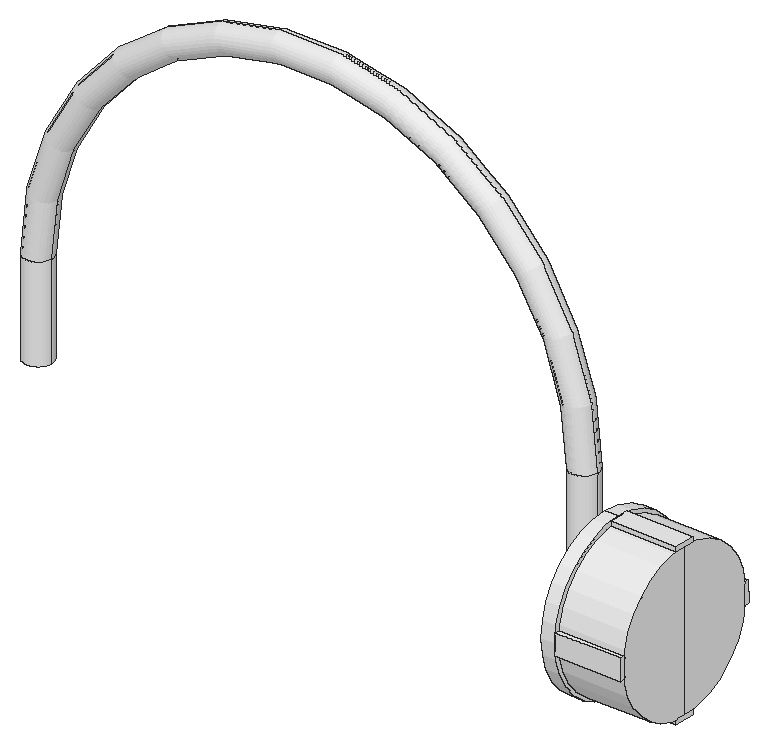
Revit family "WM54", category Generic Models, Revit 2017
Family settings
  Can host rebar = No
  Round Connector Dimension = Use Diameter
  Part Type = Normal
  Work Plane-Based = No
  Always vertical = Yes
  Cut with Voids When Loaded = No
  Shared = No
  Room Calculation Point = No
Parameters
  WM55 = Aluminum
  WM40 = Aluminum
Reference planes (in)
  plane 1 "Center (Front/Back)": y = 0
  plane 2: z = 0
  plane 3 "Center (Left/Right)": x = 0
Forms (in)
  Sweep 1, solid, material "Aluminum" <- "WM55"
    path origin (-18.19092, 0, -2.71645) x (1, 0, 0) y (0, 0, 1)
      loop
        line (4.99759, 11.33674) -> (4.99759, 14.71174)
        arc (4.99759, 14.71174) -> (14.84759, 24.56174) -> (24.69759, 14.71174) r 9.85
        line (24.69759, 14.71174) -> (24.69759, 10.83674)
    profile origin (6.50667, 0, 10.0578) x (0, -1, 0) y (1, 0, 0)
      loop
        circle (0, 0) r 0.5
      loop
        circle (0, 0) r 0.4375
  Extrusion 2, solid, material "Aluminum" <- "WM55"
    sketch origin (-18.19092, -11.33674, 8.1203) x (1, 0, 0) y (0, 1, 0)
      loop
        arc (24.72884, 12.05549) -> (24.01009, 11.33674) -> (24.72884, 10.61799) r 0.71875
        line (24.72884, 10.61799) -> (25.44759, 10.61799) -> (25.44759, 12.05549) -> (24.72884, 12.05549)
    from -0.75 to 0.5
  Extrusion 3, solid, material "Aluminum" <- "WM55"
    sketch origin (-18.19092, 0, -2.71645) x (1, 0, 0) y (0, 1, 0)
      loop
        line (25.44759, 0.78125) -> (24.72884, 0.78125)
        arc (24.72884, 0.78125) -> (23.94759, 0) -> (24.72884, -0.78125) r 0.78125
        line (24.72884, -0.78125) -> (25.44759, -0.78125) -> (25.44759, 0.78125)
    from 9.83674 to 10.08674
  Revolve 4, solid, material "Aluminum" <- "WM40"
    sketch origin (-19.42203, 0, 3.16349) x (1, 0, 0) y (0, 0, 1)
      loop
        line (26.6787, 7.70681) -> (26.6787, 4.83181) -> (27.1787, 4.83181) -> (27.1787, 7.70681) -> (26.6787, 7.70681)
      axis (27.1787, 4.83181) -> (26.6787, 4.83181)
    angle from 0 to 360
  Revolve 5, solid, material "Aluminum" <- "WM40"
    sketch origin (-19.42203, 0, 3.16349) x (1, 0, 0) y (0, 0, 1)
      loop
        line (29.5537, 7.58181) -> (27.1787, 7.58181) -> (27.1787, 4.83181) -> (29.5537, 4.83181) -> (29.5537, 7.58181)
      axis (27.1787, 4.83181) -> (29.5537, 4.83181)
    angle from 0 to 360
  Extrusion 6, solid, material "Aluminum" <- "WM40"
    sketch origin (-19.42203, 0, 3.16349) x (1, 0, 0) y (0, 0, 1)
      loop
        line (29.5537, 5.20681) -> (27.1787, 5.20681) -> (27.1787, 4.45681) -> (29.5537, 4.45681) -> (29.5537, 5.20681)
    from -2.875 to -2.71967
  Extrusion 7, solid, material "Aluminum" <- "WM40"
    sketch origin (-19.42203, 0, 3.16349) x (1, 0, 0) y (0, 0, -1)
      loop
        line (29.5537, -5.20681) -> (29.5537, -4.45681) -> (27.1787, -4.45681) -> (27.1787, -5.20681) -> (29.5537, -5.20681)
    from -2.875 to -2.71967
  Extrusion 8, solid, material "Aluminum" <- "WM40"
    sketch origin (-19.42203, 4.83181, 7.9953) x (0, -1, 0) y (1, 0, 0)
      loop
        line (5.20681, 29.5537) -> (4.45681, 29.5537) -> (4.45681, 27.1787) -> (5.20681, 27.1787) -> (5.20681, 29.5537)
    from -2.875 to -2.71967
  Extrusion 9, solid, material "Aluminum" <- "WM40"
    sketch origin (-19.42203, 4.83297, 13.59002) x (1, 0, 0) y (0, 1, 0)
      loop
        line (29.5537, -5.20681) -> (29.5537, -4.45681) -> (27.1787, -4.45681) -> (27.1787, -5.20681) -> (29.5537, -5.20681)
    from -2.875 to -2.71967
Dimensions and locks (in)
  aligned and locked: plane 2 to level
